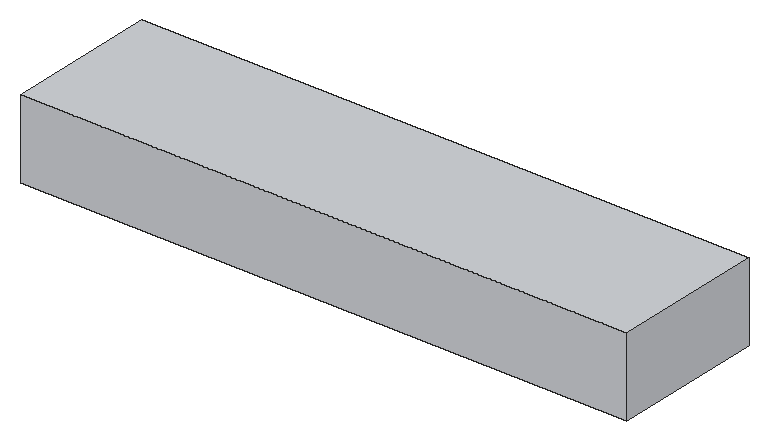
Revit family "Dämmauflage LK", category HLS-Bauteile, Revit 2023
Family settings
  Bemaßung runder Anschluss = Durchmesser verwenden
  Teiletyp = Normal
  Arbeitsebenenbasiert = Ja
  Immer vertikal = Nein
  Beim Laden mit Abzugskörper schneiden = Nein
  Beschriftungsausrichtung beibehalten = Nein
  Gemeinsam genutzt = Ja
  Raumberechnungspunkt = Nein
Parameters (values of type "Dämmauflage LK, 25x13")
  vpe = "1"
  max. Temperaturbeständigkeit = "105 °C"
  Wärmeleitfähigkeit = "0.04 W/mK"
  Default Elevation = 1219.2 mm
  Stärke = 13 mm
  Regelhalter [instance] = ""
  Montagelänge [instance] = 100 mm
  Mengeneinheit = "Beu"
  Materialname = "geschlossenzelliger, synthetischer Kautschuk"
  Material = "Kautschuk"
  Länge = 7000 mm
  Kurztext2 = "7 m 25 mm Kautschuk"
  Kurztext1 = "Schalldämmauflage C-Profil 27"
  H = 13 mm
  Gewicht pro Stück = 0.00 kg
  Gewicht pro Bauteil = Gewicht pro Stück  # 0.00 kg
  Gewicht = 0.13 kg
  Farbe = "Grau"
  Fabrikat = "MEFA"
  EAN = "4250928442086"
  Dämmstärke = 13 mm
  Breite = 25 mm
  B = 25 mm
  Artikelnummer = "7250025"
Types (4, lengths in mm): name | Kurztext2 | Kurztext1 | Gewicht | EAN | Breite | B | Artikelnummer
  (no name) | "7 m 25 mm Kautschuk" | "Schalldämmauflage C-Profil 27" | 0.13 kg | "4250928442086" | 25 | 45 | "7250045"
  Dämmauflage LK, 45x13 | "7 m 45 mm Kautschuk" | "Schalldämmauflage C-Profil 45" | 0.24 kg | "4250928442109" | 45 | 45 | "7250045"
  Dämmauflage LK, 35x13 | "7 m 35 mm Kautschuk" | "Schalldämmauflage C-Profil 35" | 0.203 kg | "4250928442093" | 35 | 35 | "7250035"
  Dämmauflage LK, 25x13 | "7 m 25 mm Kautschuk" | "Schalldämmauflage C-Profil 27" | 0.13 kg | "4250928442086" | 25 | 25 | "7250025"
Reference planes
  plane 1 "Mitte (Vorne/hinten)": y = 0
  plane 2: z = 0
  plane 3 "Mitte (Links/rechts)": x = 0
  plane 4: z = 13
  plane 5: y = 12.5
  plane 6: y = -12.5
Forms (mm)
  Extrusion 1, solid
    sketch origin (-97.5, -2.28, 0) x (1, 0, 0) y (0, 1, 0)
      loop
        line (147.5, -10.22) -> (147.5, 14.78) -> (47.5, 14.78) -> (47.5, -10.22) -> (147.5, -10.22)
    from 0 to 13
Lines and regions (mm)
  reference lines
    curve 1: line (50, 0, 39.606) -> (50, 0, -37.571)
    curve 2: line (-50, 0, 56.429) -> (-50, 0, -37.571)
Dimensions and locks
  equal spacing: curve 1, plane 3 "Mitte (Links/rechts)", curve 2
  "Montagelänge": curve 1 to curve 2
  "H": level to plane 4
  equal spacing: plane 5, plane 1 "Mitte (Vorne/hinten)", plane 6
  "B": plane 5 to plane 6
  aligned and locked: level to plane 2
  aligned and locked: curve 1 to Extrusion 1
  aligned and locked: Extrusion 1 to curve 2
  aligned and locked: plane 4 to Extrusion 1
  aligned and locked: Extrusion 1 to plane 5
  aligned and locked: plane 6 to Extrusion 1
Automatic sketch dimensions
  Extrusion 1 sketch curve to plane 3 "Mitte (Links/rechts)" = 50 mm
  plane 3 "Mitte (Links/rechts)" to Extrusion 1 sketch curve = 50 mm
  plane 1 "Mitte (Vorne/hinten)" to Extrusion 1 sketch curve = 12.5 mm
  Extrusion 1 sketch curve to plane 1 "Mitte (Vorne/hinten)" = 12.5 mm
  curve 1 to level = 37.571 mm
  curve 2 to level = 37.571 mm
  plane 4 to curve 1 = 26.606 mm
  plane 4 to curve 2 = 43.429 mm
